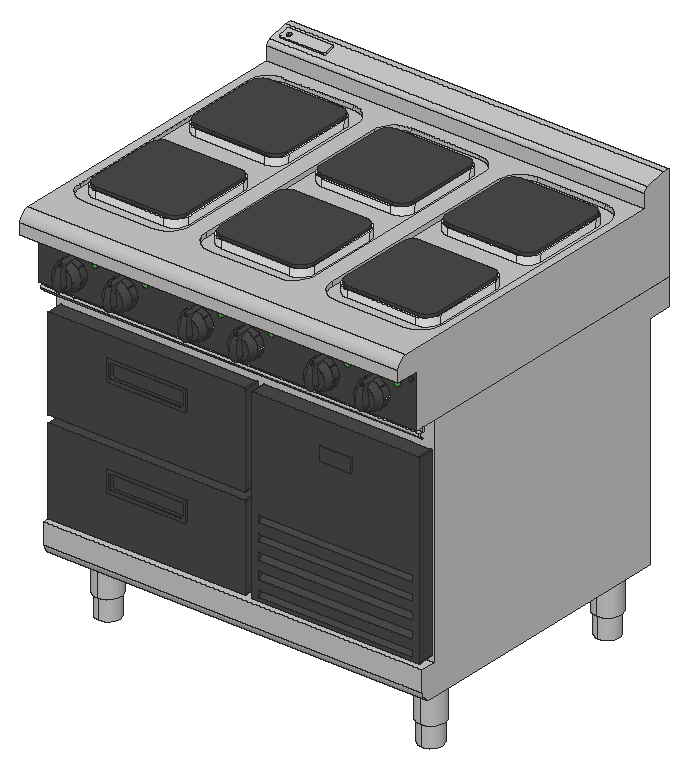
Revit family "QF_Moffat_RNLB8600SE-RB_Electrical_Cooktop_Sealed_Hobs_cat", category Specialty Equipment, Revit 2019
Family settings
  Round Connector Dimension = Use Diameter
  Part Type = Normal
  Work Plane-Based = No
  Always vertical = Yes
  Cut with Voids When Loaded = No
  Shared = No
  Room Calculation Point = No
Parameters (values of type "E516S-RB")
  Weight in Kilograms = 130
  Watts = 8800 W
  Volts = 400 V
  URL Cutsheet = ""
  Specification by User = ""
  Specification by Manufacturer = ""
  Serial Number = ""
  Seismic Rating = ""
  SMACNA No = ""
  Revision Code = ""
  Refrigerant Volume = 0.00 kip
  Refrigerant Type = "R134a"
  Phase = 2
  Number of Poles = 1
  NAFEM Spec ID Number = ""
  Model = "RNLB8600SE-RB"
  Min Ckt Ampacity = 0 A
  Max Overcurrent Protection = 0 A
  Masterspec = ""
  Manufacturer = "Moffat"
  Length = 900 mm
  Item Number = ""
  Installed By = ""
  Identify Quantity as Lot = yes
  Height = 970 mm
  HP = ""
  Furnished By = ""
  Foodservice Equipment Identifier = yes
  FL Amps = 22 A
  Electrical Remarks = ""
  Electric Connection Type = ""
  Elec Conn RI Height = 0 mm
  Elec Conn Connection Height = 0 mm
  Description = "Electric Cooktops Sealed Hobs"
  Depth = 805 mm
  Cycle = 50 Hz
  Conn Plug = ""
  Conn Conduit = yes
  CSI MasterFormat = ""
  BTUH = 0.0 Btu/h
  Apparent Power = if(Phase = 3, Volts * FL Amps * 1.73, Volts * FL Amps)  # 8800 VA
Reference planes
  plane 1 "BACK": y = 0
  plane 2: z = 0
  plane 3 "LEFT": x = 0
  plane 4 "RIGHT": x = 900
  plane 5 "FRONT": y = -805
  plane 6 "TOP": z = 915
  plane 7 "Center Y": x = 450
  plane 8 "Center X": y = -402.5
  plane 9: x = 65.5
  plane 10: x = 87.5
  plane 11: x = 211.766
  plane 12: y = -30
  plane 13: x = 770
  plane 14: x = 512.5
  plane 15: x = 388.234
  plane 16: x = 834.5
  plane 17: z = 150
  plane 18: y = -134
  plane 19: y = -624
  plane 20: x = 812.5
  plane 21: x = 688.234
  plane 22: x = 486.5
  plane 23: x = 650
  plane 24: z = 233
  plane 25: z = 658
  plane 26: z = 970
Forms (mm)
  Extrusion 1, solid, material "QF_Metal_Stainless_Polished"
    sketch origin (0, 0, 600) x (0, 1, 0) y (0, 0, 1)
      loop
        line (0, 140) -> (0, 370) -> (-15, 370) -> (-61.106, 357.646)
        arc (-61.106, 357.646) -> (-67.52, 353.36) -> (-70, 346.055) r 12
        line (-70, 346.055) -> (-70, 315) -> (-781, 315)
        arc (-781, 315) -> (-797.971, 307.971) -> (-805, 291) r 24
        line (-805, 291) -> (-805, 266) -> (-749, 266) -> (-749, 140) -> (0, 140)
    from 0 to 900
  Extrusion 2, void
    sketch origin (0, -776.971, 914.5) x (0, 1, 0) y (-1, 0, 0)
      loop
        arc (674.971, -69) -> (660.326, -33.645) -> (624.971, -19) r 50
        line (624.971, -19) -> (124.971, -19)
        arc (124.971, -19) -> (89.615, -33.645) -> (74.971, -69) r 50
        line (74.971, -69) -> (74.971, -231)
        arc (74.971, -231) -> (89.615, -266.355) -> (124.971, -281) r 50
        line (124.971, -281) -> (624.971, -281)
        arc (624.971, -281) -> (660.326, -266.355) -> (674.971, -231) r 50
        line (674.971, -231) -> (674.971, -69)
      loop
        line (674.971, -831) -> (674.971, -669)
        arc (674.971, -669) -> (660.326, -633.645) -> (624.971, -619) r 50
        line (624.971, -619) -> (124.971, -619)
        arc (124.971, -619) -> (89.615, -633.645) -> (74.971, -669) r 50
        line (74.971, -669) -> (74.971, -831)
        arc (74.971, -831) -> (89.615, -866.355) -> (124.971, -881) r 50
        line (124.971, -881) -> (624.971, -881)
        arc (624.971, -881) -> (660.326, -866.355) -> (674.971, -831) r 50
      loop
        arc (74.971, -531) -> (89.615, -566.355) -> (124.971, -581) r 50
        line (124.971, -581) -> (624.971, -581)
        arc (624.971, -581) -> (660.326, -566.355) -> (674.971, -531) r 50
        line (674.971, -531) -> (674.971, -369)
        arc (674.971, -369) -> (660.326, -333.645) -> (624.971, -319) r 50
        line (624.971, -319) -> (124.971, -319)
        arc (124.971, -319) -> (89.615, -333.645) -> (74.971, -369) r 50
        line (74.971, -369) -> (74.971, -531)
    from 0.5 to -9.5
  Extrusion 3, solid, material "QF_Plastic_White_Smooth"
    sketch origin (0, -776.971, 905) x (0, 1, 0) y (-1, 0, 0)
      loop
        arc (638.971, -68) -> (629.598, -45.373) -> (606.971, -36) r 32
        line (606.971, -36) -> (442.971, -36)
        arc (442.971, -36) -> (420.343, -45.373) -> (410.971, -68) r 32
        line (410.971, -68) -> (410.971, -232)
        arc (410.971, -232) -> (420.343, -254.627) -> (442.971, -264) r 32
        line (442.971, -264) -> (606.971, -264)
        arc (606.971, -264) -> (629.598, -254.627) -> (638.971, -232) r 32
        line (638.971, -232) -> (638.971, -68)
      loop
        arc (338.971, -68) -> (329.598, -45.373) -> (306.971, -36) r 32
        line (306.971, -36) -> (142.971, -36)
        arc (142.971, -36) -> (120.343, -45.373) -> (110.971, -68) r 32
        line (110.971, -68) -> (110.971, -232)
        arc (110.971, -232) -> (120.343, -254.627) -> (142.971, -264) r 32
        line (142.971, -264) -> (306.971, -264)
        arc (306.971, -264) -> (329.598, -254.627) -> (338.971, -232) r 32
        line (338.971, -232) -> (338.971, -68)
      loop
        arc (638.971, -368) -> (629.598, -345.373) -> (606.971, -336) r 32
        line (606.971, -336) -> (442.971, -336)
        arc (442.971, -336) -> (420.343, -345.373) -> (410.971, -368) r 32
        line (410.971, -368) -> (410.971, -532)
        arc (410.971, -532) -> (420.343, -554.627) -> (442.971, -564) r 32
        line (442.971, -564) -> (606.971, -564)
        arc (606.971, -564) -> (629.598, -554.627) -> (638.971, -532) r 32
        line (638.971, -532) -> (638.971, -368)
      loop
        arc (410.971, -832) -> (420.343, -854.627) -> (442.971, -864) r 32
        line (442.971, -864) -> (606.971, -864)
        arc (606.971, -864) -> (629.598, -854.627) -> (638.971, -832) r 32
        line (638.971, -832) -> (638.971, -668)
        arc (638.971, -668) -> (629.598, -645.373) -> (606.971, -636) r 32
        line (606.971, -636) -> (442.971, -636)
        arc (442.971, -636) -> (420.343, -645.373) -> (410.971, -668) r 32
        line (410.971, -668) -> (410.971, -832)
      loop
        arc (338.971, -368) -> (329.598, -345.373) -> (306.971, -336) r 32
        line (306.971, -336) -> (142.971, -336)
        arc (142.971, -336) -> (120.343, -345.373) -> (110.971, -368) r 32
        line (110.971, -368) -> (110.971, -532)
        arc (110.971, -532) -> (120.343, -554.627) -> (142.971, -564) r 32
        line (142.971, -564) -> (306.971, -564)
        arc (306.971, -564) -> (329.598, -554.627) -> (338.971, -532) r 32
        line (338.971, -532) -> (338.971, -368)
      loop
        arc (110.971, -832) -> (120.343, -854.627) -> (142.971, -864) r 32
        line (142.971, -864) -> (306.971, -864)
        arc (306.971, -864) -> (329.598, -854.627) -> (338.971, -832) r 32
        line (338.971, -832) -> (338.971, -668)
        arc (338.971, -668) -> (329.598, -645.373) -> (306.971, -636) r 32
        line (306.971, -636) -> (142.971, -636)
        arc (142.971, -636) -> (120.343, -645.373) -> (110.971, -668) r 32
        line (110.971, -668) -> (110.971, -832)
    from 0 to 17.8
  Extrusion 4, solid, material "QF_Plastic_Black_Smooth"
    sketch origin (0, -776.971, 922.8) x (0, 1, 0) y (-1, 0, 0)
      loop
        arc (634.971, -67) -> (627.062, -47.908) -> (607.971, -40) r 27
        line (607.971, -40) -> (441.971, -40)
        arc (441.971, -40) -> (422.879, -47.908) -> (414.971, -67) r 27
        line (414.971, -67) -> (414.971, -233)
        arc (414.971, -233) -> (422.879, -252.092) -> (441.971, -260) r 27
        line (441.971, -260) -> (607.971, -260)
        arc (607.971, -260) -> (627.062, -252.092) -> (634.971, -233) r 27
        line (634.971, -233) -> (634.971, -67)
      loop
        arc (334.971, -67) -> (327.062, -47.908) -> (307.971, -40) r 27
        line (307.971, -40) -> (141.971, -40)
        arc (141.971, -40) -> (122.879, -47.908) -> (114.971, -67) r 27
        line (114.971, -67) -> (114.971, -233)
        arc (114.971, -233) -> (122.879, -252.092) -> (141.971, -260) r 27
        line (141.971, -260) -> (307.971, -260)
        arc (307.971, -260) -> (327.062, -252.092) -> (334.971, -233) r 27
        line (334.971, -233) -> (334.971, -67)
      loop
        line (634.971, -833) -> (634.971, -667)
        arc (634.971, -667) -> (627.062, -647.908) -> (607.971, -640) r 27
        line (607.971, -640) -> (441.971, -640)
        arc (441.971, -640) -> (422.879, -647.908) -> (414.971, -667) r 27
        line (414.971, -667) -> (414.971, -833)
        arc (414.971, -833) -> (422.879, -852.092) -> (441.971, -860) r 27
        line (441.971, -860) -> (607.971, -860)
        arc (607.971, -860) -> (627.062, -852.092) -> (634.971, -833) r 27
      loop
        line (414.971, -367) -> (414.971, -533)
        arc (414.971, -533) -> (422.879, -552.092) -> (441.971, -560) r 27
        line (441.971, -560) -> (607.971, -560)
        arc (607.971, -560) -> (627.062, -552.092) -> (634.971, -533) r 27
        line (634.971, -533) -> (634.971, -367)
        arc (634.971, -367) -> (627.062, -347.908) -> (607.971, -340) r 27
        line (607.971, -340) -> (441.971, -340)
        arc (441.971, -340) -> (422.879, -347.908) -> (414.971, -367) r 27
      loop
        arc (307.971, -860) -> (327.062, -852.092) -> (334.971, -833) r 27
        line (334.971, -833) -> (334.971, -667)
        arc (334.971, -667) -> (327.062, -647.908) -> (307.971, -640) r 27
        line (307.971, -640) -> (141.971, -640)
        arc (141.971, -640) -> (122.879, -647.908) -> (114.971, -667) r 27
        line (114.971, -667) -> (114.971, -833)
        arc (114.971, -833) -> (122.879, -852.092) -> (141.971, -860) r 27
        line (141.971, -860) -> (307.971, -860)
      loop
        arc (141.971, -340) -> (122.879, -347.908) -> (114.971, -367) r 27
        line (114.971, -367) -> (114.971, -533)
        arc (114.971, -533) -> (122.879, -552.092) -> (141.971, -560) r 27
        line (141.971, -560) -> (307.971, -560)
        arc (307.971, -560) -> (327.062, -552.092) -> (334.971, -533) r 27
        line (334.971, -533) -> (334.971, -367)
        arc (334.971, -367) -> (327.062, -347.908) -> (307.971, -340) r 27
        line (307.971, -340) -> (141.971, -340)
    from 0 to 6.1
  Extrusion 5, solid, material "QF_Metal_Stainless_Polished"
    sketch origin (0, 0, 600) x (0, 1, 0) y (0, 0, 1)
      loop
        line (-697, 74.5) -> (0, 74.5) -> (0, 140) -> (-697, 140) -> (-697, 74.5)
    from 0 to 900
  Extrusion 6, solid, material "QF_Metal_Stainless_Polished"
    sketch origin (0, 0, 600) x (0, 1, 0) y (0, 0, 1)
      loop
        line (-730.6, 140) -> (-730.6, 130) -> (-740.105, 130)
        arc (-740.105, 130) -> (-743.076, 128.015) -> (-742.379, 124.511) r 3.215
        line (-742.379, 124.511) -> (-731.85, 113.982) -> (-730.719, 115.113) -> (-741.247, 125.642)
        arc (-741.247, 125.642) -> (-741.597, 127.403) -> (-740.105, 128.4) r 1.615
        line (-740.105, 128.4) -> (-729, 128.4) -> (-729, 140) -> (-730.6, 140)
    from 0 to 900
  Extrusion 7, solid, material "QF_Metal_Stainless_Polished"
    sketch origin (450, 175.397, 1819.2) x (0, 1, 0) y (0, 0, 1)
      loop
        line (-872.397, -1109.2) -> (-889.234, -1109.2)
        arc (-889.234, -1109.2) -> (-890.834, -1110.8) -> (-889.234, -1112.4) r 1.6
        line (-889.234, -1112.4) -> (-872.397, -1112.4) -> (-872.397, -1109.2)
    from -400 to 400
  Extrusion 8, solid, material "QF_Plastic_Black_Smooth"
    sketch origin (0, -749, 748.75) x (0, 0, 1) y (-1, 0, 0)
      loop
        circle (97.343, -13.157) r 5
      loop
        circle (97.343, -886.843) r 5
    from 0 to 1.6
  Extrusion 9, solid, material "QF_Metal_Stainless_Polished"
    sketch origin (0, -698, 674.5) x (1, 0, 0) y (0, -1, 0)
      loop
        circle (770, -668) r 6.35
    from 0 to 1.6
  Extrusion 10, solid, material "QF_Metal_Stainless_Polished"
    sketch origin (-6096, 187.719, 150) x (0, 1, 0) y (-1, 0, 0)
      loop
        line (-244.719, -6096) -> (-884.719, -6096) -> (-884.719, -6146) -> (-292.719, -6146) -> (-292.719, -6946) -> (-884.719, -6946) -> (-884.719, -6996) -> (-244.719, -6996) -> (-244.719, -6096)
    from 0 to 524.5
  Extrusion 11, solid, material "QF_Metal_Stainless_Polished"
    sketch origin (0, 0, 0) x (0, 1, 0) y (0, 0, 1)
      loop
        line (-57, 150) -> (-57, 222.5) -> (-733, 222.5) -> (-733, 174)
        arc (-733, 174) -> (-725.971, 157.029) -> (-709, 150) r 24
        line (-709, 150) -> (-57, 150)
    from 0 to 900
  Extrusion 12, solid, material "QF_Metal_Stainless_Polished"
    sketch origin (586.5, -48, 150) x (0, -1, 0) y (0, 0, 1)
      loop
        line (649, 535) -> (57, 535) -> (57, 72.5) -> (649, 72.5) -> (649, 535)
    from 64.5 to 135.5
  Revolve 13, solid, material "QF_Metal_Stainless_Polished"
    sketch origin (65.5, -4573, -304.8) x (0, 0, -1) y (0, -1, 0)
      loop
        line (-304.8, -3948) -> (-454.8, -3948) -> (-454.8, -3979.75) -> (-354.8, -3979.75) -> (-354.8, -3975.5) -> (-304.8, -3975.5) -> (-304.8, -3948)
      axis (-454.8, -3948) -> (-304.8, -3948)
    angle from 0 to 360
  Revolve 14, solid, material "QF_Metal_Stainless_Polished"
    sketch origin (834.5, -4573, -304.8) x (0, 0, -1) y (0, 1, 0)
      loop
        line (-304.8, 3948) -> (-304.8, 3975.5) -> (-354.8, 3975.5) -> (-354.8, 3979.75) -> (-454.8, 3979.75) -> (-454.8, 3948) -> (-304.8, 3948)
      axis (-454.8, 3948) -> (-304.8, 3948)
    angle from 0 to 360
  Extrusion 15, solid, material "QF_Plastic_Black_Smooth"
    sketch origin (0, -697, 740) x (0, 0, -1) y (1, 0, 0)
      loop
        line (67.5, 9) -> (284.5, 9)
        arc (284.5, 9) -> (285.914, 9.586) -> (286.5, 11) r 2
        line (286.5, 11) -> (286.5, 477)
        arc (286.5, 477) -> (285.914, 478.414) -> (284.5, 479) r 2
        line (284.5, 479) -> (67.5, 479)
        arc (67.5, 479) -> (66.086, 478.414) -> (65.5, 477) r 2
        line (65.5, 477) -> (65.5, 11)
        arc (65.5, 11) -> (66.086, 9.586) -> (67.5, 9) r 2
      loop
        arc (507, 477) -> (506.414, 478.414) -> (505, 479) r 2
        line (505, 479) -> (304.5, 479)
        arc (304.5, 479) -> (303.086, 478.414) -> (302.5, 477) r 2
        line (302.5, 477) -> (302.5, 11)
        arc (302.5, 11) -> (303.086, 9.586) -> (304.5, 9) r 2
        line (304.5, 9) -> (505, 9)
        arc (505, 9) -> (506.414, 9.586) -> (507, 11) r 2
        line (507, 11) -> (507, 477)
    from 0 to 36
  Extrusion 16, void
    sketch origin (0, -733, 740) x (0, 0, -1) y (1, 0, 0)
      loop
        arc (121.8, 161) -> (123.557, 156.757) -> (127.8, 155) r 6
        line (127.8, 155) -> (152.434, 155)
        arc (152.434, 155) -> (156.676, 156.757) -> (158.434, 161) r 6
        line (158.434, 161) -> (158.434, 327)
        arc (158.434, 327) -> (156.676, 331.243) -> (152.434, 333) r 6
        line (152.434, 333) -> (127.8, 333)
        arc (127.8, 333) -> (123.557, 331.243) -> (121.8, 327) r 6
        line (121.8, 327) -> (121.8, 161)
      loop
        arc (358.8, 161) -> (360.557, 156.757) -> (364.8, 155) r 6
        line (364.8, 155) -> (389.434, 155)
        arc (389.434, 155) -> (393.676, 156.757) -> (395.434, 161) r 6
        line (395.434, 161) -> (395.434, 327)
        arc (395.434, 327) -> (393.676, 331.243) -> (389.434, 333) r 6
        line (389.434, 333) -> (364.8, 333)
        arc (364.8, 333) -> (360.557, 331.243) -> (358.8, 327) r 6
        line (358.8, 327) -> (358.8, 161)
    from 0 to -10
  Extrusion 17, solid, material "QF_Plastic_Black_Smooth"
    sketch origin (0, -733, 740) x (0, 0, -1) y (1, 0, 0)
      loop
        line (353.494, 149) -> (401.494, 149) -> (402.494, 150) -> (402.494, 338) -> (401.494, 339) -> (353.494, 339) -> (352.494, 338) -> (352.494, 150) -> (353.494, 149)
      loop
        line (116.494, 149) -> (164.494, 149) -> (165.494, 150) -> (165.494, 338) -> (164.494, 339) -> (116.494, 339) -> (115.494, 338) -> (115.494, 150) -> (116.494, 149)
      loop
        arc (121.8, 161) -> (123.557, 156.757) -> (127.8, 155) r 6
        line (127.8, 155) -> (152.434, 155)
        arc (152.434, 155) -> (156.676, 156.757) -> (158.434, 161) r 6
        line (158.434, 161) -> (158.434, 327)
        arc (158.434, 327) -> (156.676, 331.243) -> (152.434, 333) r 6
        line (152.434, 333) -> (127.8, 333)
        arc (127.8, 333) -> (123.557, 331.243) -> (121.8, 327) r 6
        line (121.8, 327) -> (121.8, 161)
      loop
        arc (358.8, 161) -> (360.557, 156.757) -> (364.8, 155) r 6
        line (364.8, 155) -> (389.434, 155)
        arc (389.434, 155) -> (393.676, 156.757) -> (395.434, 161) r 6
        line (395.434, 161) -> (395.434, 327)
        arc (395.434, 327) -> (393.676, 331.243) -> (389.434, 333) r 6
        line (389.434, 333) -> (364.8, 333)
        arc (364.8, 333) -> (360.557, 331.243) -> (358.8, 327) r 6
        line (358.8, 327) -> (358.8, 161)
    from 0 to 1.6
  Extrusion 18, solid, material "QF_Plastic_Black_Smooth"
    sketch origin (0, -697, 740) x (0, 0, -1) y (1, 0, 0)
      loop
        line (507, 496) -> (507, 892)
        arc (507, 892) -> (506.414, 893.414) -> (505, 894) r 2
        line (505, 894) -> (67.5, 894)
        arc (67.5, 894) -> (66.086, 893.414) -> (65.5, 892) r 2
        line (65.5, 892) -> (65.5, 496)
        arc (65.5, 496) -> (66.086, 494.586) -> (67.5, 494) r 2
        line (67.5, 494) -> (505, 494)
        arc (505, 494) -> (506.414, 494.586) -> (507, 496) r 2
    from 0 to 36
  Extrusion 19, void
    sketch origin (522, -48, 150) x (0, 1, 0) y (0, 0, 1)
      loop
        line (-649, 303.003) -> (-685, 267.003) -> (-685, 249.042) -> (-649, 285.042) -> (-649, 303.003)
      loop
        line (-649, 263.003) -> (-685, 227.003) -> (-685, 209.042) -> (-649, 245.042) -> (-649, 263.003)
      loop
        line (-649, 223.003) -> (-685, 187.003) -> (-685, 169.042) -> (-649, 205.042) -> (-649, 223.003)
      loop
        line (-649, 183.003) -> (-685, 147.003) -> (-685, 129.042) -> (-649, 165.042) -> (-649, 183.003)
      loop
        line (-649, 143.003) -> (-685, 107.003) -> (-685, 89.042) -> (-649, 125.042) -> (-649, 143.003)
    from -10.5 to 354.5
  Extrusion 20, solid, material "QF_Plastic_Black_Smooth"
    sketch origin (0, -733, 740) x (0, 0, -1) y (1, 0, 0)
      loop
        line (123.994, 656.5) -> (156.994, 656.5) -> (156.994, 731.5) -> (123.994, 731.5) -> (123.994, 656.5)
    from 0 to 1.6
  Extrusion 21, solid, material "QF_Metal_Stainless_Polished"
    sketch origin (0, -57, 150) x (1, 0, 0) y (0, 0, -1)
      loop
        circle (650, -150) r 12.7
    from 0 to 3.2
  Revolve 22, solid, material "QF_Metal_Stainless_Polished"
    sketch origin (65.5, 3848, -304.8) x (0, 0, -1) y (0, -1, 0)
      loop
        line (-304.8, 3948) -> (-304.8, 3975.5) -> (-354.8, 3975.5) -> (-354.8, 3979.75) -> (-454.8, 3979.75) -> (-454.8, 3948) -> (-304.8, 3948)
      axis (-454.8, 3948) -> (-304.8, 3948)
    angle from 0 to 360
  Revolve 23, solid, material "QF_Metal_Stainless_Polished"
    sketch origin (834.5, 3848, -304.8) x (0, 0, -1) y (0, 1, 0)
      loop
        line (-304.8, -3948) -> (-454.8, -3948) -> (-454.8, -3979.75) -> (-354.8, -3979.75) -> (-354.8, -3975.5) -> (-304.8, -3975.5) -> (-304.8, -3948)
      axis (-454.8, -3948) -> (-304.8, -3948)
    angle from 0 to 360
  Extrusion 24, solid, material "QF_Paint_Green"
    sketch origin (0, -749, 740) x (0, 0, 1) y (-1, 0, 0)
      loop
        circle (86.3, -135) r 7.25
      loop
        circle (86.3, -255) r 7.25
      loop
        circle (86.3, -435) r 7.25
      loop
        circle (86.3, -555) r 7.25
      loop
        circle (86.3, -735) r 7.25
      loop
        circle (86.3, -855) r 7.25
    from 0 to 1.6
  Extrusion 25, solid, material "QF_Metal_Stainless_Polished"
    sketch origin (550, -48, 150) x (0, -1, 0) y (0, 0, 1)
      loop
        line (649, 72.5) -> (649, 83) -> (9, 83) -> (9, 72.5) -> (649, 72.5)
    from -300 to 500
  Extrusion 26, solid, material "QF_Metal_Stainless_Polished"
    sketch origin (0, 0, 0) x (0, 1, 0) y (0, 0, 1)
      loop
        line (-697, 453.5) -> (-698.658, 453.5) -> (-698.658, 437.5) -> (-697, 437.5) -> (-697, 453.5)
    from 50 to 451
Cuts and joins
  Extrusion 2 cuts Extrusion 1
  joined: Extrusion 5, Extrusion 10, Extrusion 11, Extrusion 12, Extrusion 25, Extrusion 26
  Extrusion 16 cuts Extrusion 15
  Extrusion 19 cuts Extrusion 18
  Extrusion 16 cuts Extrusion 17
Lines and regions (mm)
  symbolic lines
    curve 1: line (0, 0, 0) -> (900, 0, 0)
    curve 2: line (0, -805, 0) -> (0, 0, 0)
    curve 3: line (900, -805, 0) -> (0, -805, 0)
    curve 4: line (900, 0, 0) -> (900, -805, 0)
    curve 5: arc (281, -652, 0) -> (266.355, -687.355, 0) -> (231, -702, 0) r 50
    curve 6: line (231, -702, 0) -> (69, -702, 0)
    curve 7: arc (69, -702, 0) -> (33.645, -687.355, 0) -> (19, -652, 0) r 50
    curve 8: line (19, -652, 0) -> (19, -152, 0)
    curve 9: arc (19, -152, 0) -> (33.645, -116.645, 0) -> (69, -102, 0) r 50
    curve 10: line (69, -102, 0) -> (231, -102, 0)
    curve 11: arc (231, -102, 0) -> (266.355, -116.645, 0) -> (281, -152, 0) r 50
    curve 12: line (281, -152, 0) -> (281, -652, 0)
    curve 13: arc (319, -152, 0) -> (333.645, -116.645, 0) -> (369, -102, 0) r 50
    curve 14: line (369, -102, 0) -> (531, -102, 0)
    curve 15: arc (531, -102, 0) -> (566.355, -116.645, 0) -> (581, -152, 0) r 50
    curve 16: line (581, -152, 0) -> (581, -652, 0)
    curve 17: arc (581, -652, 0) -> (566.355, -687.355, 0) -> (531, -702, 0) r 50
    curve 18: line (531, -702, 0) -> (369, -702, 0)
    curve 19: arc (369, -702, 0) -> (333.645, -687.355, 0) -> (319, -652, 0) r 50
    curve 20: line (319, -652, 0) -> (319, -152, 0)
    curve 21: arc (619, -152, 0) -> (633.645, -116.645, 0) -> (669, -102, 0) r 50
    curve 22: line (669, -102, 0) -> (831, -102, 0)
    curve 23: arc (831, -102, 0) -> (866.355, -116.645, 0) -> (881, -152, 0) r 50
    curve 24: line (881, -152, 0) -> (881, -652, 0)
    curve 25: arc (881, -652, 0) -> (866.355, -687.355, 0) -> (831, -702, 0) r 50
    curve 26: line (831, -702, 0) -> (669, -702, 0)
    curve 27: arc (669, -702, 0) -> (633.645, -687.355, 0) -> (619, -652, 0) r 50
    curve 28: line (619, -652, 0) -> (619, -152, 0)
    curve 29: arc (68, -138, 0) -> (45.373, -147.373, 0) -> (36, -170, 0) r 32
    curve 30: line (36, -170, 0) -> (36, -334, 0)
    curve 31: arc (36, -334, 0) -> (45.373, -356.627, 0) -> (68, -366, 0) r 32
    curve 32: line (68, -366, 0) -> (232, -366, 0)
    curve 33: arc (232, -366, 0) -> (254.627, -356.627, 0) -> (264, -334, 0) r 32
    curve 34: line (264, -334, 0) -> (264, -170, 0)
    curve 35: arc (264, -170, 0) -> (254.627, -147.373, 0) -> (232, -138, 0) r 32
    curve 36: line (232, -138, 0) -> (68, -138, 0)
    curve 37: arc (67, -142, 0) -> (47.908, -149.908, 0) -> (40, -169, 0) r 27
    curve 38: line (40, -169, 0) -> (40, -335, 0)
    curve 39: arc (40, -335, 0) -> (47.908, -354.092, 0) -> (67, -362, 0) r 27
    curve 40: line (67, -362, 0) -> (233, -362, 0)
    curve 41: arc (233, -362, 0) -> (252.092, -354.092, 0) -> (260, -335, 0) r 27
    curve 42: line (260, -335, 0) -> (260, -169, 0)
    curve 43: arc (260, -169, 0) -> (252.092, -149.908, 0) -> (233, -142, 0) r 27
    curve 44: line (233, -142, 0) -> (67, -142, 0)
    curve 45: arc (68, -438, 0) -> (45.373, -447.373, 0) -> (36, -470, 0) r 32
    curve 46: line (36, -470, 0) -> (36, -634, 0)
    curve 47: arc (36, -634, 0) -> (45.373, -656.627, 0) -> (68, -666, 0) r 32
    curve 48: line (68, -666, 0) -> (232, -666, 0)
    curve 49: arc (232, -666, 0) -> (254.627, -656.627, 0) -> (264, -634, 0) r 32
    curve 50: line (264, -634, 0) -> (264, -470, 0)
    curve 51: arc (264, -470, 0) -> (254.627, -447.373, 0) -> (232, -438, 0) r 32
    curve 52: line (232, -438, 0) -> (68, -438, 0)
    curve 53: arc (67, -442, 0) -> (47.908, -449.908, 0) -> (40, -469, 0) r 27
    curve 54: line (40, -469, 0) -> (40, -635, 0)
    curve 55: arc (40, -635, 0) -> (47.908, -654.092, 0) -> (67, -662, 0) r 27
    curve 56: line (67, -662, 0) -> (233, -662, 0)
    curve 57: arc (233, -662, 0) -> (252.092, -654.092, 0) -> (260, -635, 0) r 27
    curve 58: line (260, -635, 0) -> (260, -469, 0)
    curve 59: arc (260, -469, 0) -> (252.092, -449.908, 0) -> (233, -442, 0) r 27
    curve 60: line (233, -442, 0) -> (67, -442, 0)
    curve 61: arc (368, -438, 0) -> (345.373, -447.373, 0) -> (336, -470, 0) r 32
    curve 62: line (336, -470, 0) -> (336, -634, 0)
    curve 63: arc (336, -634, 0) -> (345.373, -656.627, 0) -> (368, -666, 0) r 32
    curve 64: line (368, -666, 0) -> (532, -666, 0)
    curve 65: arc (532, -666, 0) -> (554.627, -656.627, 0) -> (564, -634, 0) r 32
    curve 66: line (564, -634, 0) -> (564, -470, 0)
    curve 67: arc (564, -470, 0) -> (554.627, -447.373, 0) -> (532, -438, 0) r 32
    curve 68: line (532, -438, 0) -> (368, -438, 0)
    curve 69: arc (367, -442, 0) -> (347.908, -449.908, 0) -> (340, -469, 0) r 27
    curve 70: line (340, -469, 0) -> (340, -635, 0)
    curve 71: arc (340, -635, 0) -> (347.908, -654.092, 0) -> (367, -662, 0) r 27
    curve 72: line (367, -662, 0) -> (533, -662, 0)
    curve 73: arc (533, -662, 0) -> (552.092, -654.092, 0) -> (560, -635, 0) r 27
    curve 74: line (560, -635, 0) -> (560, -469, 0)
    curve 75: arc (560, -469, 0) -> (552.092, -449.908, 0) -> (533, -442, 0) r 27
    curve 76: line (533, -442, 0) -> (367, -442, 0)
    curve 77: arc (336, -334, 0) -> (345.373, -356.627, 0) -> (368, -366, 0) r 32
    curve 78: line (368, -366, 0) -> (532, -366, 0)
    curve 79: arc (532, -366, 0) -> (554.627, -356.627, 0) -> (564, -334, 0) r 32
    curve 80: line (564, -334, 0) -> (564, -170, 0)
    curve 81: arc (564, -170, 0) -> (554.627, -147.373, 0) -> (532, -138, 0) r 32
    curve 82: line (532, -138, 0) -> (368, -138, 0)
    curve 83: arc (368, -138, 0) -> (345.373, -147.373, 0) -> (336, -170, 0) r 32
    curve 84: line (336, -170, 0) -> (336, -334, 0)
    curve 85: arc (340, -335, 0) -> (347.908, -354.092, 0) -> (367, -362, 0) r 27
    curve 86: line (367, -362, 0) -> (533, -362, 0)
    curve 87: arc (533, -362, 0) -> (552.092, -354.092, 0) -> (560, -335, 0) r 27
    curve 88: line (560, -335, 0) -> (560, -169, 0)
    curve 89: arc (560, -169, 0) -> (552.092, -149.908, 0) -> (533, -142, 0) r 27
    curve 90: line (533, -142, 0) -> (367, -142, 0)
    curve 91: arc (367, -142, 0) -> (347.908, -149.908, 0) -> (340, -169, 0) r 27
    curve 92: line (340, -169, 0) -> (340, -335, 0)
    curve 93: arc (668, -138, 0) -> (645.373, -147.373, 0) -> (636, -170, 0) r 32
    curve 94: line (636, -170, 0) -> (636, -334, 0)
    curve 95: arc (636, -334, 0) -> (645.373, -356.627, 0) -> (668, -366, 0) r 32
    curve 96: line (668, -366, 0) -> (832, -366, 0)
    curve 97: arc (832, -366, 0) -> (854.627, -356.627, 0) -> (864, -334, 0) r 32
    curve 98: line (864, -334, 0) -> (864, -170, 0)
    curve 99: arc (864, -170, 0) -> (854.627, -147.373, 0) -> (832, -138, 0) r 32
    curve 100: line (832, -138, 0) -> (668, -138, 0)
    curve 101: arc (667, -142, 0) -> (647.908, -149.908, 0) -> (640, -169, 0) r 27
    curve 102: line (640, -169, 0) -> (640, -335, 0)
    curve 103: arc (640, -335, 0) -> (647.908, -354.092, 0) -> (667, -362, 0) r 27
    curve 104: line (667, -362, 0) -> (833, -362, 0)
    curve 105: arc (833, -362, 0) -> (852.092, -354.092, 0) -> (860, -335, 0) r 27
    curve 106: line (860, -335, 0) -> (860, -169, 0)
    curve 107: arc (860, -169, 0) -> (852.092, -149.908, 0) -> (833, -142, 0) r 27
    curve 108: line (833, -142, 0) -> (667, -142, 0)
    curve 109: arc (668, -438, 0) -> (645.373, -447.373, 0) -> (636, -470, 0) r 32
    curve 110: line (636, -470, 0) -> (636, -634, 0)
    curve 111: arc (636, -634, 0) -> (645.373, -656.627, 0) -> (668, -666, 0) r 32
    curve 112: line (668, -666, 0) -> (832, -666, 0)
    curve 113: arc (832, -666, 0) -> (854.627, -656.627, 0) -> (864, -634, 0) r 32
    curve 114: line (864, -634, 0) -> (864, -470, 0)
    curve 115: arc (864, -470, 0) -> (854.627, -447.373, 0) -> (832, -438, 0) r 32
    curve 116: line (832, -438, 0) -> (668, -438, 0)
    curve 117: arc (667, -442, 0) -> (647.908, -449.908, 0) -> (640, -469, 0) r 27
    curve 118: line (640, -469, 0) -> (640, -635, 0)
    curve 119: arc (640, -635, 0) -> (647.908, -654.092, 0) -> (667, -662, 0) r 27
    curve 120: line (667, -662, 0) -> (833, -662, 0)
    curve 121: arc (833, -662, 0) -> (852.092, -654.092, 0) -> (860, -635, 0) r 27
    curve 122: line (860, -635, 0) -> (860, -469, 0)
    curve 123: arc (860, -469, 0) -> (852.092, -449.908, 0) -> (833, -442, 0) r 27
    curve 124: line (833, -442, 0) -> (667, -442, 0)
    curve 125: line (0, -15, 0) -> (900, -15, 0)
    curve 126: line (900, -70, 0) -> (0, -70, 0)
Dimensions and locks
  equal spacing: plane 3 "LEFT", plane 7 "Center Y", plane 4 "RIGHT"
  "Length": plane 3 "LEFT" to plane 4 "RIGHT"
  equal spacing: plane 5 "FRONT", plane 8 "Center X", plane 1 "BACK"
  "Depth": plane 5 "FRONT" to plane 1 "BACK"
  "Height": plane 26 to level
  plane 4 "RIGHT" to plane 3 "LEFT" = 900 mm
  plane 1 "BACK" to plane 5 "FRONT" = 805 mm
  plane 6 "TOP" to plane 2 = 915 mm
  locked: plane 13 to plane 4 "RIGHT" at 130
  plane 9 to plane 16 = 769 mm
  plane 17 to plane 2 = 150 mm
  plane 1 "BACK" to plane 18 = 134 mm
  plane 18 to plane 19 = 490 mm
  plane 1 "BACK" to plane 12 = 30 mm
  plane 1 "BACK" to cut or joined group of Extrusion 5, Extrusion 10, Extrusion 11, Extrusion 12, Extrusion 25, Extrusion 26 = 57 mm
  plane 23 to plane 4 "RIGHT" = 250 mm
  aligned and locked: level to plane 2
Automatic sketch dimensions
  Extrusion 5 sketch curve to plane 1 "BACK" = 0 mm
  plane 19 to Extrusion 5 sketch curve = 73 mm
  Extrusion 5 sketch curve to Extrusion 5 sketch curve = 65.5 mm
  Extrusion 6 sketch curve to Extrusion 6 sketch curve = 0 mm  (x3)
  Extrusion 6 sketch curve to plane 5 "FRONT" = 62.621 mm
  Extrusion 6 sketch curve to Extrusion 6 sketch curve = 1.131 mm  (x3)
  Extrusion 6 sketch curve to Extrusion 6 sketch curve = 1.142 mm  (x2)
  Extrusion 6 sketch curve to Extrusion 6 sketch curve = 10.529 mm
  Extrusion 6 sketch curve to Extrusion 6 sketch curve = 9.505 mm
  Extrusion 6 sketch curve to Extrusion 6 sketch curve = 1.6 mm
  Extrusion 6 sketch curve to Extrusion 6 sketch curve = 10 mm
  plane 19 to Extrusion 7 sketch curve = 89.837 mm
  Extrusion 7 sketch curve to Extrusion 7 sketch curve = 16.837 mm
  Extrusion 7 sketch curve to Extrusion 7 sketch curve = 1.6 mm
  Extrusion 8 sketch curve to Extrusion 1 = 19.907 mm  (x2)
  Extrusion 1 to Extrusion 8 sketch curve = 13.157 mm  (x2)
  Extrusion 10 sketch curve to plane 3 "LEFT" = 0 mm
  Extrusion 10 sketch curve to plane 4 "RIGHT" = 0 mm
  plane 9 to Extrusion 10 sketch curve = 15.5 mm
  plane 19 to Extrusion 10 sketch curve = 73 mm  (x2)
  plane 16 to Extrusion 10 sketch curve = 15.5 mm
  Extrusion 10 sketch curve to plane 18 = 29 mm
  plane 12 to Extrusion 10 sketch curve = 27 mm
  Extrusion 12 sketch curve to plane 18 = 29 mm
  plane 19 to Extrusion 12 sketch curve = 73 mm
  Revolve 13 sketch curve to plane 17 = 0 mm
  Revolve 13 sketch curve to level = 0 mm  (x2)
  level to Revolve 13 sketch curve = 50 mm
  Revolve 13 sketch curve to plane 19 = 30.75 mm
  Revolve 13 sketch curve to plane 19 = 26.5 mm
  plane 19 to Revolve 13 sketch curve = 1 mm  (x2)
  Revolve 13 sketch curve to Revolve 13 sketch curve = 35 mm
  Revolve 14 sketch curve to plane 17 = 0 mm
  Revolve 14 sketch curve to level = 0 mm  (x2)
  level to Revolve 14 sketch curve = 50 mm
  plane 19 to Revolve 14 sketch curve = 1 mm  (x2)
  Revolve 14 sketch curve to plane 19 = 26.5 mm
  Revolve 14 sketch curve to plane 19 = 30.75 mm
  Revolve 14 sketch curve to Revolve 14 sketch curve = 35 mm
  Extrusion 16 sketch curve to Extrusion 15 = 56.3 mm  (x2)
  Extrusion 16 sketch curve to Extrusion 16 sketch curve = 6 mm  (x6)
  Extrusion 16 sketch curve to Extrusion 16 sketch curve = 24.634 mm  (x4)
  Extrusion 16 sketch curve to Extrusion 15 = 146 mm  (x2)
  Extrusion 16 sketch curve to Extrusion 15 = 152 mm  (x2)
  Extrusion 17 sketch curve to Extrusion 15 = 49.994 mm  (x2)
  Extrusion 17 sketch curve to Extrusion 17 sketch curve = 1 mm  (x12)
  Extrusion 17 sketch curve to Extrusion 17 sketch curve = 6.306 mm  (x2)
  Extrusion 17 sketch curve to Extrusion 17 sketch curve = 6 mm  (x8)
  Extrusion 17 sketch curve to Extrusion 17 sketch curve = 24.634 mm  (x4)
  Extrusion 17 sketch curve to Extrusion 17 sketch curve = 6.06 mm  (x4)
  Extrusion 17 sketch curve to Extrusion 15 = 140 mm  (x2)
  Extrusion 17 sketch curve to Extrusion 15 = 152 mm  (x2)
  Extrusion 17 sketch curve to Extrusion 17 sketch curve = 11 mm  (x4)
  Extrusion 19 sketch curve to Extrusion 12 = 0 mm  (x5)
  Extrusion 12 to Extrusion 19 sketch curve = 36 mm  (x2)
  Extrusion 19 sketch curve to Extrusion 19 sketch curve = 0 mm  (x3)
  Extrusion 19 sketch curve to Extrusion 12 = 16.542 mm
  Extrusion 19 sketch curve to Extrusion 19 sketch curve = 17.961 mm  (x10)
  Extrusion 19 sketch curve to Extrusion 19 sketch curve = 18.039 mm
  Extrusion 19 sketch curve to Extrusion 19 sketch curve = 22.039 mm  (x8)
  Extrusion 20 sketch curve to Extrusion 18 = 58.494 mm
  Extrusion 20 sketch curve to Extrusion 20 sketch curve = 33 mm
  Extrusion 20 sketch curve to Extrusion 18 = 162.5 mm
  Extrusion 20 sketch curve to Extrusion 20 sketch curve = 75 mm
  Extrusion 21 sketch curve to Extrusion 10 = 250 mm
  Extrusion 10 to Extrusion 21 sketch curve = 150 mm
  Revolve 22 sketch curve to plane 17 = 0 mm
  Revolve 22 sketch curve to level = 0 mm  (x2)
  level to Revolve 22 sketch curve = 50 mm
  Revolve 22 sketch curve to plane 18 = 34 mm
  Revolve 22 sketch curve to Revolve 22 sketch curve = 27.5 mm
  Revolve 22 sketch curve to Revolve 22 sketch curve = 31.75 mm
  Revolve 22 sketch curve to Revolve 22 sketch curve = 35 mm
  Revolve 22 sketch curve to Revolve 22 sketch curve = 0 mm
  Revolve 23 sketch curve to plane 17 = 0 mm
  Revolve 23 sketch curve to level = 0 mm  (x2)
  level to Revolve 23 sketch curve = 50 mm
  Revolve 23 sketch curve to plane 18 = 2.25 mm
  Revolve 23 sketch curve to Revolve 23 sketch curve = 4.25 mm
  Revolve 23 sketch curve to Revolve 23 sketch curve = 27.5 mm
  Revolve 23 sketch curve to Revolve 23 sketch curve = 35 mm
  Revolve 23 sketch curve to Revolve 23 sketch curve = 0 mm
  Extrusion 2 sketch curve to plane 16 = 3.5 mm  (x2)
  plane 19 to Extrusion 2 sketch curve = 78 mm  (x3)
  plane 15 to Extrusion 2 sketch curve = 19.234 mm
  Extrusion 2 sketch curve to plane 9 = 3.5 mm  (x2)
  plane 19 to Extrusion 2 sketch curve = 28 mm  (x5)
  plane 23 to Extrusion 2 sketch curve = 19 mm
  plane 4 "RIGHT" to Extrusion 2 sketch curve = 19 mm
  plane 18 to Extrusion 2 sketch curve = 18 mm  (x6)
  Extrusion 2 sketch curve to plane 18 = 32 mm
  Extrusion 2 sketch curve to Extrusion 2 sketch curve = 38 mm  (x2)
  Extrusion 4 sketch curve to Extrusion 3 = 4 mm  (x21)
  Extrusion 4 sketch curve to Extrusion 4 sketch curve = 27 mm  (x7)
  Extrusion 4 sketch curve to Extrusion 3 = 31 mm  (x20)
  Extrusion 3 sketch curve to Extrusion 2 = 36 mm  (x3)
  Extrusion 3 sketch curve to Extrusion 2 = 17 mm  (x11)
  Extrusion 3 sketch curve to Extrusion 3 sketch curve = 32 mm  (x18)
  Extrusion 3 sketch curve to Extrusion 3 sketch curve = 164 mm  (x4)
  Extrusion 3 sketch curve to Extrusion 2 = 49 mm  (x2)
  Extrusion 3 sketch curve to Extrusion 3 sketch curve = 0 mm
  Extrusion 3 sketch curve to Extrusion 3 sketch curve = 72 mm  (x3)
  Extrusion 3 sketch curve to Extrusion 2 = 68 mm  (x6)
  Extrusion 9 sketch curve to Extrusion 5 = 30 mm
  Extrusion 9 sketch curve to Extrusion 5 = 130 mm
  Extrusion 1 sketch curve to plane 5 "FRONT" = 0 mm
  Extrusion 1 sketch curve to Extrusion 1 sketch curve = 24 mm
  Extrusion 1 sketch curve to plane 5 "FRONT" = 56 mm
  Extrusion 1 sketch curve to Extrusion 1 sketch curve = 25 mm
  Extrusion 1 sketch curve to Extrusion 1 sketch curve = 230 mm
  Extrusion 5 sketch curve to plane 6 "TOP" = 240.5 mm
  Extrusion 6 sketch curve to plane 6 "TOP" = 201.018 mm
  Extrusion 7 sketch curve to plane 6 "TOP" = 208.2 mm
  Extrusion 12 sketch curve to plane 6 "TOP" = 230 mm
  Extrusion 24 sketch curve to Extrusion 1 = 39.7 mm  (x6)
  Extrusion 1 to Extrusion 24 sketch curve = 45 mm
  Extrusion 24 sketch curve to Extrusion 24 sketch curve = 120 mm  (x3)
  Extrusion 24 sketch curve to Extrusion 24 sketch curve = 180 mm  (x2)
  Extrusion 11 sketch curve to plane 17 = 0 mm
  Extrusion 11 sketch curve to plane 5 "FRONT" = 72 mm
  Extrusion 11 sketch curve to Extrusion 11 sketch curve = 24 mm
  plane 12 to Extrusion 11 sketch curve = 27 mm
  plane 12 to Extrusion 25 sketch curve = 27 mm
  plane 19 to Extrusion 25 sketch curve = 73 mm
  plane 17 to Extrusion 11 sketch curve = 72.5 mm
  plane 17 to Extrusion 25 sketch curve = 72.5 mm
  Extrusion 25 sketch curve to Extrusion 25 sketch curve = 10.5 mm
  Extrusion 18 sketch curve to Extrusion 5 = 0 mm
  Extrusion 18 sketch curve to Extrusion 18 sketch curve = 2 mm  (x3)
  Extrusion 5 to Extrusion 18 sketch curve = 8 mm
  Extrusion 18 sketch curve to Extrusion 18 sketch curve = 437.5 mm
  Extrusion 18 sketch curve to Extrusion 18 sketch curve = 0 mm
  Extrusion 18 sketch curve to Extrusion 18 sketch curve = 396 mm
  Extrusion 15 sketch curve to Extrusion 5 = 0 mm
  Extrusion 15 sketch curve to Extrusion 15 sketch curve = 2 mm  (x6)
  Extrusion 15 sketch curve to Extrusion 15 sketch curve = 217 mm  (x2)
  Extrusion 5 to Extrusion 15 sketch curve = 11 mm
  Extrusion 15 sketch curve to Extrusion 15 sketch curve = 16 mm
  Extrusion 15 sketch curve to Extrusion 15 sketch curve = 200.5 mm  (x2)
  Extrusion 5 to Extrusion 15 sketch curve = 9 mm
  Extrusion 5 to Extrusion 15 sketch curve = 423 mm
  Extrusion 15 sketch curve to Extrusion 15 sketch curve = 0 mm
  Extrusion 12 sketch curve to plane 24 = 10.5 mm
  plane 12 to Extrusion 1 sketch curve = 31.106 mm
  Extrusion 1 sketch curve to Extrusion 1 sketch curve = 3.106 mm
  plane 6 "TOP" to Extrusion 1 sketch curve = 31.055 mm
  Extrusion 1 sketch curve to Extrusion 1 sketch curve = 11.591 mm
  plane 1 "BACK" to Extrusion 1 sketch curve = 15 mm
  Extrusion 1 sketch curve to Extrusion 1 sketch curve = 12.354 mm
  Extrusion 1 sketch curve to plane 1 "BACK" = 0 mm
  Extrusion 1 sketch curve to plane 6 "TOP" = 0 mm
  plane 19 to Extrusion 26 sketch curve = 74.658 mm
  plane 24 to Extrusion 26 sketch curve = 204.5 mm
  Extrusion 26 sketch curve to Extrusion 26 sketch curve = 16 mm
  Extrusion 26 sketch curve to Extrusion 26 sketch curve = 1.658 mm
  plane 1 "BACK" to curve 1 = 0 mm
  curve 1 to plane 3 "LEFT" = 0 mm
  curve 3 to plane 4 "RIGHT" = 0 mm
  plane 5 "FRONT" to curve 3 = 0 mm
  plane 3 "LEFT" to curve 8 = 19 mm
  curve 9 to curve 30 = 17 mm
  plane 19 to curve 46 = 10 mm
  curve 8 to curve 46 = 17 mm
  curve 45 to curve 54 = 4 mm
  curve 30 to curve 38 = 4 mm
  curve 39 to plane 9 = 1.5 mm
  curve 56 to plane 9 = 1.5 mm
  curve 60 to plane 9 = 1.5 mm
  curve 37 to plane 9 = 1.5 mm
  curve 39 to curve 31 = 1 mm
  curve 53 to curve 45 = 1 mm
  curve 37 to curve 29 = 1 mm
  curve 48 to plane 9 = 2.5 mm
  curve 9 to plane 9 = 3.5 mm
  curve 7 to plane 9 = 3.5 mm
  plane 11 to curve 5 = 19.234 mm
  plane 11 to curve 11 = 19.234 mm
  curve 5 to curve 49 = 1 mm
  plane 18 to curve 36 = 4 mm
  curve 11 to curve 36 = 1 mm
  plane 11 to curve 32 = 20.234 mm
  plane 11 to curve 51 = 20.234 mm
  curve 35 to curve 43 = 1 mm  (x2)
  curve 33 to curve 40 = 1 mm
  curve 49 to curve 57 = 1 mm
  curve 51 to curve 59 = 1 mm
  plane 19 to curve 58 = 11 mm
  curve 57 to curve 58 = 27 mm
  curve 43 to curve 42 = 27 mm
  curve 43 to curve 34 = 4 mm
  curve 58 to curve 50 = 4 mm
  curve 34 to curve 12 = 17 mm
  plane 18 to curve 20 = 18 mm
  curve 11 to curve 20 = 38 mm
  plane 15 to curve 84 = 52.234 mm
  plane 19 to curve 62 = 10 mm
  curve 20 to curve 62 = 17 mm
  curve 84 to curve 92 = 4 mm
  curve 61 to curve 70 = 4 mm
  plane 15 to curve 69 = 21.234 mm
  plane 15 to curve 91 = 21.234 mm
  plane 15 to curve 85 = 21.234 mm
  plane 15 to curve 72 = 21.234 mm
  curve 86 to curve 78 = 1 mm
  curve 69 to curve 68 = 1 mm
  curve 71 to curve 63 = 1 mm
  curve 90 to curve 82 = 1 mm
  curve 72 to curve 19 = 2 mm
  plane 15 to curve 14 = 19.234 mm
  plane 14 to curve 14 = 18.5 mm
  plane 14 to curve 17 = 18.5 mm
  plane 14 to curve 67 = 19.5 mm
  plane 19 to curve 65 = 10 mm
  curve 17 to curve 65 = 1 mm
  plane 14 to curve 78 = 19.5 mm
  curve 15 to curve 81 = 1 mm
  curve 78 to curve 86 = 1 mm
  curve 81 to curve 89 = 1 mm
  curve 64 to curve 72 = 1 mm
  curve 67 to curve 75 = 1 mm
  curve 89 to curve 88 = 27 mm
  curve 74 to curve 67 = 4 mm
  curve 88 to curve 80 = 4 mm
  plane 18 to curve 16 = 18 mm
  curve 28 to plane 23 = 31 mm
  curve 110 to plane 23 = 14 mm
  curve 94 to plane 23 = 14 mm
  curve 93 to curve 102 = 4 mm
  curve 110 to curve 118 = 4 mm
  plane 23 to curve 124 = 17 mm
  plane 18 to curve 108 = 8 mm
  plane 23 to curve 108 = 17 mm
  plane 23 to curve 120 = 17 mm
  plane 23 to curve 103 = 17 mm
  curve 103 to curve 96 = 1 mm
  curve 119 to curve 111 = 1 mm
  curve 117 to curve 116 = 1 mm
  curve 101 to curve 100 = 1 mm
  curve 119 to curve 27 = 2 mm
  plane 23 to curve 22 = 19 mm
  curve 22 to plane 16 = 3.5 mm
  curve 26 to plane 16 = 3.5 mm
  curve 113 to plane 16 = 2.5 mm
  curve 115 to plane 16 = 2.5 mm
  curve 96 to plane 16 = 2.5 mm
  curve 99 to plane 16 = 2.5 mm
  curve 108 to plane 16 = 1.5 mm
  curve 115 to curve 123 = 1 mm
  curve 113 to curve 121 = 1 mm
  curve 104 to plane 16 = 1.5 mm
  plane 16 to curve 106 = 25.5 mm
  plane 16 to curve 122 = 25.5 mm
  curve 105 to curve 98 = 4 mm
  curve 122 to curve 114 = 4 mm
  plane 4 "RIGHT" to curve 24 = 19 mm
  curve 18 to curve 63 = 36 mm
  curve 6 to curve 48 = 36 mm
  plane 19 to curve 26 = 78 mm
  curve 112 to curve 27 = 14 mm
  curve 113 to curve 120 = 4 mm
  curve 64 to curve 72 = 4 mm
  curve 67 to plane 8 "Center X" = 67.5 mm
  curve 109 to plane 8 "Center X" = 67.5 mm
  curve 51 to plane 8 "Center X" = 67.5 mm
  curve 45 to curve 54 = 1 mm
  curve 61 to curve 69 = 1 mm
  curve 109 to curve 117 = 1 mm
  plane 8 "Center X" to curve 96 = 36.5 mm
  plane 8 "Center X" to curve 78 = 36.5 mm
  plane 8 "Center X" to curve 32 = 36.5 mm
  curve 31 to curve 40 = 4 mm
  curve 96 to curve 104 = 4 mm
  curve 77 to curve 86 = 4 mm
  curve 99 to curve 107 = 1 mm
  curve 80 to curve 15 = 18 mm
  curve 84 to curve 92 = 1 mm
  plane 18 to curve 24 = 18 mm
  plane 18 to curve 8 = 18 mm
  plane 12 to curve 126 = 40 mm
  plane 1 "BACK" to curve 125 = 15 mm
  radius of Extrusion 8 sketch curve = 5 mm  (x2)
  radius of Extrusion 21 sketch curve = 12.7 mm
  radius of Extrusion 9 sketch curve = 6.35 mm
  radius of Extrusion 24 sketch curve = 7.25 mm  (x6)
Nested families
  nested 1: "Knob" at (57.503, -749, 764.5), type "Knob"
  nested 2: "Knob" at (177.55, -749, 764.5), type "Knob"
  nested 3: "Knob" at (357.613, -749, 764.5), type "Knob"
  nested 4: "Knob" at (477.503, -749, 764.5), type "Knob"
  nested 5: "Knob" at (657.613, -749, 764.5), type "Knob"
  nested 6: "Knob" at (777.503, -749, 764.188), type "Knob"
  nested 7: "QF_LOGO_Waldorf" at (13.25, -23.801, 940.931), type "QF_LOGO_Waldorf"
Connectors
  electrical at (770, -30, 672.9), driven by "Volts", driven by "Watts"
    settings: on Extrusion 9, index 1, voltage 400 V, apparent load 8800 VA, apparent load phase1 0 VA, apparent load phase2 0 VA, apparent load phase3 0 VA, power factor 1, load classification "Other", number of poles 1, system type 30, power factor state 1, is connector primary yes, connector utility no, sub classification motor no, connector description "ELECTRICAL CONNECTION"
  electrical at (650, -53.8, 300), driven by "Volts", driven by "Watts"
    settings: on Extrusion 21, index 2, voltage 400 V, apparent load 8800 VA, apparent load phase1 0 VA, apparent load phase2 0 VA, apparent load phase3 0 VA, power factor 1, load classification "Other", number of poles 1, system type 30, power factor state 1, is connector primary no, connector utility no, sub classification motor no, connector description "ELECTRICAL CONNECTION"
Definition of nested family "Knob"
  Parameters (values of type "Knob")
    Weight in Pounds = 0
    URL Cutsheet = ""
    Specification by User = ""
    Specification by Manufacturer = ""
    Serial Number = ""
    Seismic Rating = ""
    SMACNA No = ""
    Revision Code = ""
    NAFEM Spec ID Number = ""
    Masterspec = ""
    Length = 65 mm
    Item Number = ""
    Installed By = ""
    Identify Quantity as Lot = yes
    Height = 69.5 mm
    Furnished By = ""
    Foodservice Equipment Identifier = yes
    Depth = 59 mm
    CSI MasterFormat = ""
  Reference planes
    plane 1 "BACK": y = 0
    plane 2: z = 0
    plane 3 "LEFT": x = 0
    plane 4 "RIGHT": x = 65
    plane 5 "FRONT": y = -59
    plane 6 "TOP": z = 69.5
    plane 7 "Center Y": x = 32.5
    plane 8 "Center X": y = -29.5
  Forms (mm)
    Revolve 1, solid
      sketch origin (32.5, 175.397, 1219.2) x (0, 1, 0) y (0, 0, 1)
        loop
          line (-175.397, -1186.7) -> (-219.397, -1186.7) -> (-219.397, -1211.501) -> (-202.106, -1219.2) -> (-185.397, -1219.2) -> (-185.397, -1191.7) -> (-175.397, -1191.7) -> (-175.397, -1186.7)
        axis (-219.397, -1186.7) -> (-175.397, -1186.7)
      angle from 0 to 360
    Extrusion 2, solid
      sketch origin (32.5, 175.397, 1219.2) x (0, 1, 0) y (0, 0, 1)
        loop
          line (-202.106, -1154.2) -> (-185.397, -1154.2) -> (-185.397, -1149.7) -> (-224.105, -1149.7)
          arc (-224.105, -1149.7) -> (-233.965, -1178.467) -> (-230.696, -1208.7) r 70
          line (-230.696, -1208.7) -> (-219.397, -1208.7) -> (-219.397, -1161.899) -> (-202.106, -1154.2)
      from -15 to 15
    Extrusion 3, void
      sketch origin (0, 0, 0) x (1, 0, 0) y (0, 0, 1)
        loop
          line (27.501, 64.613) -> (22.02, 20.585)
          arc (22.02, 20.585) -> (32.792, 10.488) -> (42.986, 21.169) r 10.487
          line (42.986, 21.169) -> (37.499, 64.613)
          arc (37.499, 64.613) -> (32.5, 69.5) -> (27.501, 64.613) r 5
        loop
          line (10, 72.977) -> (10, 5.625) -> (55, 5.625) -> (55, 72.977) -> (10, 72.977)
      from 6.142 to 69.687
    Extrusion 4, solid
      sketch origin (0, -34.115, -16.916) x (1, 0, 0) y (0, 0.45399, 0.891007)
        loop
          circle (32.497, 65) r 2
      from 51.525 to 53.075
    Extrusion 5, solid
      sketch origin (32.5, -10, 32.5) x (0, 0, -1) y (-1, 0, 0)
        loop
          line (-23.54, -22.408) -> (-24.106, -22.974)
          arc (-24.106, -22.974) -> (-23.547, -23.547) -> (-22.974, -24.106) r 33.3
          line (-22.974, -24.106) -> (-22.408, -23.54)
          arc (-22.408, -23.54) -> (-22.981, -22.981) -> (-23.54, -22.408) r 32.5
        loop
          arc (-0.8, -33.29) -> (0, -33.3) -> (0.8, -33.29) r 33.3
          line (0.8, -33.29) -> (0.8, -32.49)
          arc (0.8, -32.49) -> (0, -32.5) -> (-0.8, -32.49) r 32.5
          line (-0.8, -32.49) -> (-0.8, -33.29)
        loop
          arc (23.54, -22.408) -> (22.981, -22.981) -> (22.408, -23.54) r 32.5
          line (22.408, -23.54) -> (22.974, -24.106)
          arc (22.974, -24.106) -> (23.547, -23.547) -> (24.106, -22.974) r 33.3
          line (24.106, -22.974) -> (23.54, -22.408)
        loop
          arc (-23.54, 22.408) -> (-22.981, 22.981) -> (-22.408, 23.54) r 32.5
          line (-22.408, 23.54) -> (-22.974, 24.106)
          arc (-22.974, 24.106) -> (-23.547, 23.547) -> (-24.106, 22.974) r 33.3
          line (-24.106, 22.974) -> (-23.54, 22.408)
        loop
          line (-0.8, 33.29) -> (-0.8, 32.49)
          arc (-0.8, 32.49) -> (0, 32.5) -> (0.8, 32.49) r 32.5
          line (0.8, 32.49) -> (0.8, 33.29)
          arc (0.8, 33.29) -> (0, 33.3) -> (-0.8, 33.29) r 33.3
        loop
          line (32.49, -0.8) -> (33.29, -0.8)
          arc (33.29, -0.8) -> (33.3, 0) -> (33.29, 0.8) r 33.3
          line (33.29, 0.8) -> (32.49, 0.8)
          arc (32.49, 0.8) -> (32.5, 0) -> (32.49, -0.8) r 32.5
        loop
          arc (24.106, 22.974) -> (23.547, 23.547) -> (22.974, 24.106) r 33.3
          line (22.974, 24.106) -> (22.408, 23.54)
          arc (22.408, 23.54) -> (22.981, 22.981) -> (23.54, 22.408) r 32.5
          line (23.54, 22.408) -> (24.106, 22.974)
      from 0 to -16.709
  Cuts and joins
    Extrusion 3 cuts Extrusion 2
  Dimensions and locks
    equal spacing: plane 3 "LEFT", plane 7 "Center Y", plane 4 "RIGHT"
    "Length": plane 3 "LEFT" to plane 4 "RIGHT"
    equal spacing: plane 5 "FRONT", plane 8 "Center X", plane 1 "BACK"
    "Depth": plane 5 "FRONT" to plane 1 "BACK"
    "Height": plane 6 "TOP" to level
    plane 4 "RIGHT" to plane 3 "LEFT" = 65 mm
    aligned and locked: level to plane 2
  Automatic sketch dimensions
    Revolve 1 sketch curve to level = 0 mm
    Revolve 1 sketch curve to plane 1 "BACK" = 0 mm  (x2)
    plane 1 "BACK" to Revolve 1 sketch curve = 10 mm
    plane 8 "Center X" to Revolve 1 sketch curve = 2.791 mm
    Revolve 1 sketch curve to plane 8 "Center X" = 14.5 mm
    level to Revolve 1 sketch curve = 7.699 mm
    level to Revolve 1 sketch curve = 27.5 mm
    Revolve 1 sketch curve to Revolve 1 sketch curve = 5 mm
    Revolve 1 sketch curve to Revolve 1 sketch curve = 35 mm
    Revolve 1 sketch curve to Revolve 1 sketch curve = 0 mm
    Extrusion 2 sketch curve to plane 6 "TOP" = 0 mm
    Extrusion 2 sketch curve to plane 5 "FRONT" = 3.702 mm
    Extrusion 2 sketch curve to plane 5 "FRONT" = 10.293 mm
    Extrusion 2 sketch curve to Extrusion 2 sketch curve = 11.298 mm
    plane 8 "Center X" to Extrusion 2 sketch curve = 2.791 mm
    plane 1 "BACK" to Extrusion 2 sketch curve = 10 mm
    Extrusion 2 sketch curve to plane 1 "BACK" = 11 mm
    Extrusion 2 sketch curve to plane 6 "TOP" = 4.5 mm
    Extrusion 2 sketch curve to plane 6 "TOP" = 12.199 mm
    level to Extrusion 2 sketch curve = 32.962 mm
    level to Extrusion 3 sketch curve = 5.625 mm
    Extrusion 3 sketch curve to plane 7 "Center Y" = 0 mm  (x2)
    Extrusion 3 sketch curve to plane 7 "Center Y" = 4.999 mm
    Extrusion 3 sketch curve to plane 7 "Center Y" = 10.48 mm
    plane 6 "TOP" to Extrusion 3 sketch curve = 3.477 mm
    plane 3 "LEFT" to Extrusion 3 sketch curve = 10 mm
    Extrusion 3 sketch curve to plane 6 "TOP" = 4.887 mm
    Extrusion 3 sketch curve to Extrusion 3 sketch curve = 4.999 mm
    plane 7 "Center Y" to Extrusion 3 sketch curve = 10.486 mm
    level to Extrusion 3 sketch curve = 20.585 mm
    Extrusion 3 sketch curve to Extrusion 3 sketch curve = 0.387 mm
    Extrusion 3 sketch curve to Extrusion 3 sketch curve = 0.113 mm
    plane 4 "RIGHT" to Extrusion 3 sketch curve = 10 mm
    Extrusion 5 sketch curve to Revolve 1 = 32.49 mm
    Revolve 1 to Extrusion 5 sketch curve = 32.49 mm
    Extrusion 5 sketch curve to Revolve 1 = 23.54 mm  (x2)
    Revolve 1 to Extrusion 5 sketch curve = 23.54 mm  (x2)
    Extrusion 5 sketch curve to Revolve 1 = 24.106 mm  (x2)
    Revolve 1 to Extrusion 5 sketch curve = 24.106 mm  (x2)
    Revolve 1 to Extrusion 5 sketch curve = 22.408 mm  (x2)
    Extrusion 5 sketch curve to Revolve 1 = 22.408 mm  (x2)
    Revolve 1 to Extrusion 5 sketch curve = 22.974 mm  (x2)
    Extrusion 5 sketch curve to Revolve 1 = 22.974 mm  (x2)
    Extrusion 5 sketch curve to Extrusion 5 sketch curve = 1.6 mm  (x2)
    Revolve 1 to Extrusion 5 sketch curve = 0.8 mm
    Extrusion 5 sketch curve to Revolve 1 = 0.8 mm
    Extrusion 4 sketch curve to plane 7 "Center Y" = 0.003 mm
    radius of Extrusion 5 sketch curve to Revolve 1 = 0 mm  (x7)
    radius of Revolve 1 to Extrusion 5 sketch curve = 0.8 mm  (x7)
    radius of Extrusion 4 sketch curve = 2 mm
Definition of nested family "QF_LOGO_Waldorf"
  Parameters (values of type "QF_LOGO_Waldorf")
    Weight in Pounds = 0
    URL Cutsheet = ""
    Specification by User = ""
    Specification by Manufacturer = ""
    Serial Number = ""
    Seismic Rating = ""
    SMACNA No = ""
    Revision Code = ""
    NAFEM Spec ID Number = ""
    Masterspec = ""
    Length = 138 mm
    Item Number = ""
    Installed By = ""
    Identify Quantity as Lot = yes
    Height = 26.711 mm
    Furnished By = ""
    Foodservice Equipment Identifier = yes
    Depth = 3.175 mm
    CSI MasterFormat = ""
  Reference planes
    plane 1 "BACK": y = 0
    plane 2: z = 0
    plane 3 "LEFT": x = 0
    plane 4 "RIGHT": x = 138
    plane 5 "FRONT": y = -3.175
    plane 6 "TOP": z = 26.711
    plane 7 "Center Y": x = 69
    plane 8 "Center X": y = -1.587
  Forms (mm)
    Extrusion 1, solid
      sketch origin (0, -25.801, 19.798) x (1, 0, 0) y (0, 0.965926, 0.258819)
        loop
          line (109, 3.464) -> (109, 23.247)
          spline (109, 23.247) -> (108.966, 23.699) -> (108.864, 24.143) -> (108.696, 24.572) -> (108.464, 24.979) -> (108.173, 25.355) -> (107.828, 25.696) -> (107.435, 25.995) -> (107, 26.247) -> (106.531, 26.447) -> (106.035, 26.593) -> (105.522, 26.681) -> (105, 26.711)
          line (105, 26.711) -> (4, 26.711)
          spline (4, 26.711) -> (3.478, 26.681) -> (2.965, 26.593) -> (2.469, 26.447) -> (2, 26.247) -> (1.565, 25.995) -> (1.172, 25.696) -> (0.827, 25.355) -> (0.536, 24.979) -> (0.304, 24.572) -> (0.136, 24.143) -> (0.034, 23.699) -> (0, 23.247)
          line (0, 23.247) -> (0, 3.464)
          spline (0, 3.464) -> (0.034, 3.012) -> (0.136, 2.568) -> (0.304, 2.138) -> (0.536, 1.732) -> (0.827, 1.355) -> (1.172, 1.015) -> (1.565, 0.716) -> (2, 0.464) -> (2.469, 0.264) -> (2.965, 0.118) -> (3.478, 0.03) -> (4, 0)
          line (4, 0) -> (105, 0)
          spline (105, 0) -> (105.522, 0.03) -> (106.035, 0.118) -> (106.531, 0.264) -> (107, 0.464) -> (107.435, 0.716) -> (107.828, 1.015) -> (108.173, 1.355) -> (108.464, 1.732) -> (108.696, 2.138) -> (108.864, 2.568) -> (108.966, 3.012) -> (109, 3.464)
        loop
          line (14.75, 7.005) -> (14.75, 15.654)
          arc (14.75, 15.654) -> (10.425, 11.329) -> (14.75, 7.005) r 4.325
        loop
          line (15.25, 15.654) -> (15.25, 7.005)
          arc (15.25, 7.005) -> (19.575, 11.329) -> (15.25, 15.654) r 4.325
      from 0 to 3.2
    Extrusion 2, solid
      sketch origin (0, -25.801, 19.798) x (1, 0, 0) y (0, 0.965926, 0.258819)
        loop
          line (15.25, 15.654) -> (15.25, 7.005)
          arc (15.25, 7.005) -> (19.575, 11.329) -> (15.25, 15.654) r 4.325
      from 0 to 3.2
    Extrusion 3, solid
      sketch origin (16.271, -25.801, 19.798) x (-1, 0, 0) y (0, -0.965926, -0.258819)
        loop
          arc (1.521, -15.654) -> (5.846, -11.329) -> (1.521, -7.005) r 4.325
          line (1.521, -7.005) -> (1.521, -15.654)
      from 0 to 3.2
